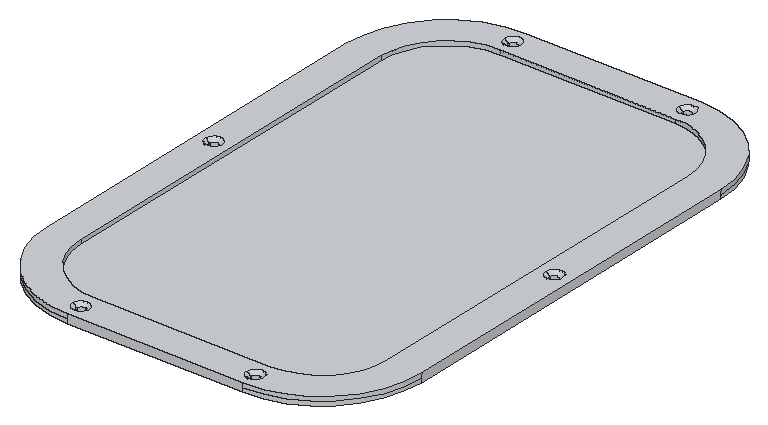
Revit family "rba-bim-rba8117-100", category Plumbing Fixtures, host Face, Revit 2015
Parameters (values of type "RBA8117-100")
  Waste Connection = no
  Vent Connection = no
  SIZE  WIDTH = 285
  URL = "http://www.rba.com.au/catalogue/category/mirrors/"
  Type Comments = ""
  Tempered Water Connection = no
  Phone Number = "1300 788 778"
  Modified Issue = "20161017.01"
  Model = "RBA8117-100"
  Material = Stainless Steel
  Manufacturer = "RBA Group"
  SIZE LENGTH = 440
  HW Connection = no
  Description = "Stainless Steel Mirror Integral Frame"
  Default Elevation = 0.00 mm
  Copyright by = "RBA Group"
  CW Connection = no
  Assembly Code = ""
Reference planes
  plane 1 "Center (Front/Back)": y = 0
  plane 2: z = 0
  plane 3 "Center (Left/Right)": x = 0
  plane 4: x = -142.875
  plane 5: x = 142.875
  plane 6: z = 0
  plane 7: z = 6.35
  plane 8: y = 219.075
  plane 9: y = -219.075
Forms (mm)
  Sweep 1, solid
    path origin (0, 0, 0) x (1, 0, 0) y (0, 1, 0)
      loop
        arc (-66.875, 219.075) -> (-120.615, 196.815) -> (-142.875, 143.075) r 76
        line (-142.875, 143.075) -> (-142.875, -143.075)
        arc (-142.875, -143.075) -> (-120.615, -196.815) -> (-66.875, -219.075) r 76
        line (-66.875, -219.075) -> (66.875, -219.075)
        arc (66.875, -219.075) -> (120.615, -196.815) -> (142.875, -143.075) r 76
        line (142.875, -143.075) -> (142.875, 143.075)
        arc (142.875, 143.075) -> (120.615, 196.815) -> (66.875, 219.075) r 76
        line (66.875, 219.075) -> (-66.875, 219.075)
    profile origin (0, 219.075, 0) x (0, 1, 0) y (0, 0, 1)
      loop
        line (0, 6.35) -> (-25.4, 6.35) -> (-25.4, 3.175) -> (0, 3.175) -> (0, 6.35)
  Extrusion 2, solid
    sketch origin (0, 0, 0) x (1, 0, 0) y (0, 1, 0)
      loop
        arc (-66.875, 219.075) -> (-120.615, 196.815) -> (-142.875, 143.075) r 76
        line (-142.875, 143.075) -> (-142.875, -143.075)
        arc (-142.875, -143.075) -> (-120.615, -196.815) -> (-66.875, -219.075) r 76
        line (-66.875, -219.075) -> (66.875, -219.075)
        arc (66.875, -219.075) -> (120.615, -196.815) -> (142.875, -143.075) r 76
        line (142.875, -143.075) -> (142.875, 143.075)
        arc (142.875, 143.075) -> (120.615, 196.815) -> (66.875, 219.075) r 76
        line (66.875, 219.075) -> (-66.875, 219.075)
    from 0 to 3.175
  Revolve 3, void
    sketch origin (-130, 0, 124.683) x (1, 0, 0) y (0, 0, 1)
      loop
        line (-0.175, -118.333) -> (-0.175, -124.683) -> (3.203, -124.683) -> (3.203, -120.901) -> (6.264, -118.333) -> (-0.175, -118.333)
      axis (-0.175, -118.333) -> (-0.175, -124.683)
    angle from 0 to 360
  Revolve 4, void
    sketch origin (-66.5, -206.375, 124.683) x (1, 0, 0) y (0, 0, 1)
      loop
        line (-0.175, -118.333) -> (-0.175, -124.683) -> (3.203, -124.683) -> (3.203, -120.901) -> (6.264, -118.333) -> (-0.175, -118.333)
      axis (-0.175, -118.333) -> (-0.175, -124.683)
    angle from 0 to 360
  Revolve 5, void
    sketch origin (66.85, -206.375, 124.683) x (1, 0, 0) y (0, 0, 1)
      loop
        line (-0.175, -118.333) -> (-0.175, -124.683) -> (3.203, -124.683) -> (3.203, -120.901) -> (6.264, -118.333) -> (-0.175, -118.333)
      axis (-0.175, -118.333) -> (-0.175, -124.683)
    angle from 0 to 360
  Revolve 6, void
    sketch origin (130.35, 0, 124.683) x (1, 0, 0) y (0, 0, 1)
      loop
        line (-0.175, -118.333) -> (-0.175, -124.683) -> (3.203, -124.683) -> (3.203, -120.901) -> (6.264, -118.333) -> (-0.175, -118.333)
      axis (-0.175, -118.333) -> (-0.175, -124.683)
    angle from 0 to 360
  Revolve 7, void
    sketch origin (-66.5, 206.375, 124.683) x (1, 0, 0) y (0, 0, 1)
      loop
        line (-0.175, -118.333) -> (-0.175, -124.683) -> (3.203, -124.683) -> (3.203, -120.901) -> (6.264, -118.333) -> (-0.175, -118.333)
      axis (-0.175, -118.333) -> (-0.175, -124.683)
    angle from 0 to 360
  Revolve 8, void
    sketch origin (66.85, 206.375, 124.683) x (1, 0, 0) y (0, 0, 1)
      loop
        line (-0.175, -118.333) -> (-0.175, -124.683) -> (3.203, -124.683) -> (3.203, -120.901) -> (6.264, -118.333) -> (-0.175, -118.333)
      axis (-0.175, -118.333) -> (-0.175, -124.683)
    angle from 0 to 360
Cuts and joins
  Revolve 3, Revolve 4, Revolve 5, Revolve 6, Revolve 7, Revolve 8 cuts Sweep 1
  Revolve 3, Revolve 4, Revolve 5, Revolve 6, Revolve 7, Revolve 8 cuts Extrusion 2
  joined: Sweep 1, Extrusion 2
Dimensions and locks
  plane 4 to plane 5 = 285.75 mm  (x2)
  plane 7 to plane 6 = 6.35 mm
  plane 8 to plane 9 = 438.15 mm  (x2)
  aligned and locked: plane 2 to host face
  aligned and locked: level to host face
